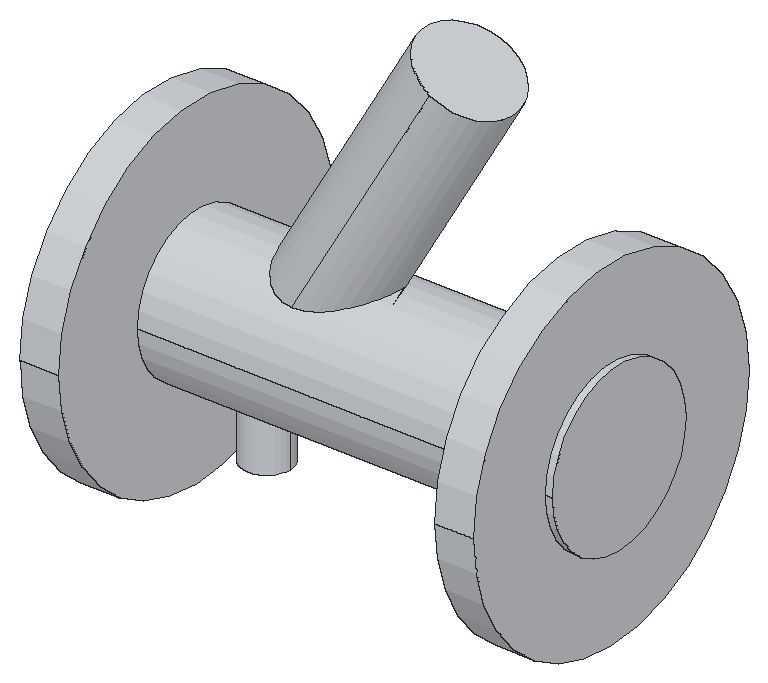
Revit family "HS 821-síto_jemné-PN25-DN015-RFA_2019", category Pipe Accessories, Revit 2019
Family settings
  Round Connector Dimension = Use Diameter
  Part Type = Breaks Into
  Work Plane-Based = No
  Always vertical = Yes
  Cut with Voids When Loaded = No
  Shared = No
Parameters (values of type "821D-DN015-PN25-síto_jemné")
  magiProductId = "27ddcbf555414f8ca1fde329bf9087"
  magiProductFamilyId = "79214ac3aaa945e397802f559f5c1e"
  magiPartTypeId = 307
  isMeasuringValve [instance] = no
  ang2D [instance] = 0.00°
  ZB__ve = -ZB  # -16.25 mm
  ZB1 = 18.63 mm
  ZB = 16.25 mm
  X2 = 46.982 mm
  X1 = 18.2 mm
  W2D = 15 mm
  VersionID = "2.0/2017.9.26.1/ZETKAMA_821_001"
  Use Minimum Symbol Size [instance] = yes
  URL = "www.hydronic.cz"
  Type Comments = "Filtr přírubový; síto jemné; A-PN16 (-10~300°C); D-PN25 (-10~350°C); F-PN40 (-10~400°C)"
  S = 46 mm
  QmdConnectorList = "301;D;302;D"
  Productdata [instance] = ""
  Manufacturer = "Hydronic Systems Prague s.r.o."
  MC Product Code = "210 215 (821D; DN015; PN25; kvs6,2; oko síta 0,63mm)"
  LM1 = 10.4 mm
  LM = 104 mm
  L4 = 32.5 mm
  L2D_Min = 3048 mm
  L2D = 130 mm
  L2 = 65 mm
  HH2 = 81.375 mm
  FD = 95 mm
  Description = "Filtr přírubový; síto jemné; 821A-PN16; 821D-PN25; 821F-PN40"
  DM1 = 27.6 mm
  DM = 41.4 mm
  D = 15 mm
  CC = 2.21 mm
  CAT0 = yes
  C1 = 10.79 mm
  C = 13 mm
  BD = 13.041 mm
Types (40, lengths in mm): name | magiProductId | ZB__ve | ZB1 | ZB | X2 | X1 | S | MC Product Code | LM1 | LM | L4 | L2 | HH2 | FD | DM1 | DM | D | CC | C1 | C | BD
  821A-DN015-PN16-síto_jemné | "a71bcfe8b393460598b23e8ddf7dc5" | -16.25 | 18.63 | 16.25 | 46.982 | 18.2 | 46 | "210 115 (821A; DN015; PN16; kvs6,2; oko síta 0,63mm)" | 10.4 | 104 | 32.5 | 65 | 81.375 | 95 | 27.6 | 41.4 | 15 | 2.21 | 10.79 | 13 | 13.041
  821A-DN020-PN16-síto_jemné | "41cd6c7a12924f4991217528336076" | -17.75 | 22.68 | 17.75 | 51.673 | 21 | 56 | "210 120 (821A; DN020; PN16; kvs9,6; oko síta 0,63mm)" | 12 | 120 | 37.5 | 75 | 89.5 | 105 | 33.6 | 50.4 | 20 | 2.55 | 12.45 | 15 | 15.876
  821A-DN025-PN16-síto_jemné | "be378b463ed14c3abf4c9b3ae8cf3a" | -19.25 | 26.325 | 19.25 | 58.601 | 22.4 | 65 | "210 125 (821A; DN025; PN16; kvs14,2; oko síta 0,63mm)" | 12.8 | 128 | 40 | 80 | 101.5 | 115 | 43.2 | 58.5 | 25 | 2.72 | 13.28 | 16 | 18.427
  821A-DN032-PN16-síto_jemné | "227a0d18b21540afabe8b6067d35fa" | -23 | 30.78 | 23 | 68.849 | 25.2 | 76 | "210 132 (821A; DN032; PN16; kvs23,1; oko síta 0,63mm)" | 14.4 | 144 | 45 | 90 | 119.25 | 140 | 50.4 | 68.4 | 32 | 3.06 | 14.94 | 18 | 21.546
  821A-DN040-PN16-síto_jemné | "d106917c74724141a10440112d0102" | -24.5 | 34.02 | 24.5 | 75.777 | 28 | 84 | "210 140 (821A; DN040; PN16; kvs36,6; oko síta 0,63mm)" | 16 | 160 | 50 | 100 | 131.25 | 150 | 60 | 75.6 | 40 | 3.4 | 16.6 | 20 | 23.814
  821A-DN050-PN16-síto_jemné | "8255d456a09e4f6486734f5dd9171b" | -26.75 | 40.095 | 26.75 | 79.061 | 32.2 | 99 | "210 150 (821A; DN050 PN16; kvs53,7; oko síta 0,63mm)" | 18.4 | 184 | 57.5 | 115 | 136.938 | 165 | 73.8 | 89.1 | 50 | 3.91 | 19.09 | 23 | 28.066
  821A-DN065-PN16-síto_jemné | "235b1b3e4c0843779a4d5e3716d40a" | -29.75 | 47.79 | 29.75 | 86.927 | 40.6 | 118 | "210 165 (821A; DN065; PN16; kvs95,1; oko síta 0,63mm)" | 23.2 | 232 | 72.5 | 145 | 150.562 | 185 | 94.2 | 106.2 | 65 | 4.93 | 24.07 | 29 | 33.453
  821A-DN080-PN16-síto_jemné | "a067f7c5236348ed8c820d16df7214" | -32 | 53.46 | 32 | 104.753 | 43.4 | 132 | "210 180 (821A; DN080; PN16; kvs137,1; oko síta 0,63mm)" | 24.8 | 248 | 77.5 | 155 | 181.438 | 200 | 107.4 | 118.8 | 80 | 5.27 | 25.73 | 31 | 37.422
  821A-DN100-PN16-síto_jemné | "c49a648c2747461285837d643703cd" | -35 | 63.18 | 35 | 114.857 | 49 | 156 | "210 190 (821A; DN100; PN16; kvs206,4; oko síta 0,63mm)" | 28 | 280 | 87.5 | 175 | 198.937 | 220 | 131.4 | 140.4 | 100 | 5.95 | 29.05 | 35 | 44.226
  821A-DN125-PN16-síto_jemné | "bf68e728a163493cbd2a663b26ebdc" | -39.5 | 74.52 | 39.5 | 131.888 | 56 | 184 | "210 191 (821A; DN125; PN16; kvs268,8; oko síta 0,63mm)" | 32 | 320 | 100 | 200 | 228.438 | 250 | 165 | 165.6 | 125 | 6.8 | 33.2 | 40 | 52.164
  821A-DN150-PN16-síto_jemné | "2de770284b654863ae6bc865769dc5" | -44.75 | 85.455 | 44.75 | 155.885 | 67.2 | 211 | "210 192 (821A; DN150; PN16; kvs401,4; oko síta 0,63mm)" | 38.4 | 384 | 120 | 240 | 270 | 285 | 192 | 189.9 | 150 | 8.16 | 39.84 | 48 | 59.818
  821A-DN200-PN16-síto_jemné | "8e5693371ab64aabb29a7f08c76e15" | -53 | 107.73 | 53 | 188.361 | 84 | 266 | "210 193 (821A; DN200; PN16; kvs706,7; oko síta 0,63mm)" | 48 | 480 | 150 | 300 | 326.25 | 340 | 252 | 239.4 | 200 | 10.2 | 49.8 | 60 | 75.411
  821A-DN250-PN16-síto_jemné | "05e37ed948c34047acdd4c42556504" | -62.75 | 129.195 | 62.75 | 255.911 | 102.2 | 319 | "210 194 (821A; DN250; PN16; kvs1229,4; oko síta 0,63mm)" | 58.4 | 584 | 182.5 | 365 | 443.25 | 405 | 309.6 | 287.1 | 250 | 12.41 | 60.59 | 73 | 90.436
  821A-DN300-PN16-síto_jemné | "9ad0af747269428da925480d83ce80" | -71 | 149.85 | 71 | 325.914 | 119 | 370 | "210 195 (821A; DN300; PN16; kvs1902,4; oko síta 0,63mm)" | 68 | 680 | 212.5 | 425 | 564.5 | 460 | 369.6 | 333 | 300 | 14.45 | 70.55 | 85 | 104.895
  821A-DN350-PN16-síto_jemné | "eebc71459bb3451bb4355e7951370a" | -80 | 173.745 | 80 | 356.875 | 137.2 | 429 | "200 196 (821A; DN350; PN16; kvs2611,0; oko síta 0,63mm)" | 78.4 | 784 | 245 | 490 | 618.125 | 520 | 438 | 386.1 | 350 | 16.66 | 81.34 | 98 | 121.621
  821A-DN400-PN16-síto_jemné | "d2f677cb196647e385b2590e7d8abe" | -89 | 194.4 | 89 | 392.237 | 154 | 480 | "210 197 (821A; DN400; PN16; kvs3438,4; oko síta 0,63mm)" | 88 | 880 | 275 | 550 | 679.375 | 580 | 498 | 432 | 400 | 18.7 | 91.3 | 110 | 136.08
  821D-DN015-PN25-síto_jemné | "27ddcbf555414f8ca1fde329bf9087" | -16.25 | 18.63 | 16.25 | 46.982 | 18.2 | 46 | "210 215 (821D; DN015; PN25; kvs6,2; oko síta 0,63mm)" | 10.4 | 104 | 32.5 | 65 | 81.375 | 95 | 27.6 | 41.4 | 15 | 2.21 | 10.79 | 13 | 13.041
  821D-DN020-PN25-síto_jemné | "270e0f14012f47189cd0235c18faee" | -17.75 | 22.68 | 17.75 | 51.673 | 21 | 56 | "210 220 (821D; DN020; PN25; kvs9,6; oko síta 0,63mm)" | 12 | 120 | 37.5 | 75 | 89.5 | 105 | 33.6 | 50.4 | 20 | 2.55 | 12.45 | 15 | 15.876
  821D-DN025-PN25-síto_jemné | "b9a7fb4aa36643878c637d8e1ab992" | -19.25 | 26.325 | 19.25 | 58.601 | 22.4 | 65 | "210 225 (821D; DN025; PN25; kvs14,2; oko síta 0,63mm)" | 12.8 | 128 | 40 | 80 | 101.5 | 115 | 43.2 | 58.5 | 25 | 2.72 | 13.28 | 16 | 18.427
  821D-DN032-PN25-síto_jemné | "6be9a55c4e68400f94eec7e804204c" | -23 | 30.78 | 23 | 68.849 | 25.2 | 76 | "210 232 (821D; DN032; PN25; kvs23,1; oko síta 0,63mm)" | 14.4 | 144 | 45 | 90 | 119.25 | 140 | 50.4 | 68.4 | 32 | 3.06 | 14.94 | 18 | 21.546
  821D-DN040-PN25-síto_jemné | "c54511bd7f584ec2984291479612cb" | -24.5 | 34.02 | 24.5 | 75.777 | 28 | 84 | "210 240 (821D; DN040; PN25; kvs36,6; oko síta 0,63mm)" | 16 | 160 | 50 | 100 | 131.25 | 150 | 60 | 75.6 | 40 | 3.4 | 16.6 | 20 | 23.814
  821D-DN050-PN25-síto_jemné | "5483b1f596b04cd39b23a14a22c90e" | -26.75 | 40.095 | 26.75 | 79.061 | 32.2 | 99 | "210 250 (821D; DN050; PN25; kvs53,7; oko síta 0,63mm)" | 18.4 | 184 | 57.5 | 115 | 136.938 | 165 | 73.8 | 89.1 | 50 | 3.91 | 19.09 | 23 | 28.066
  821D-DN065-PN25-síto_jemné | "767b0f8318e94750bc7a9930ed5b30" | -29.75 | 47.79 | 29.75 | 86.927 | 40.6 | 118 | "210 265 (821D; DN065; PN25; kvs95,1; oko síta 0,63mm)" | 23.2 | 232 | 72.5 | 145 | 150.562 | 185 | 94.2 | 106.2 | 65 | 4.93 | 24.07 | 29 | 33.453
  821D-DN080-PN25-síto_jemné | "e21040fa3cc2404b858198f6b73709" | -32 | 53.46 | 32 | 104.753 | 43.4 | 132 | "210 280 (821D; DN080; PN25; kvs137,1; oko síta 0,63mm)" | 24.8 | 248 | 77.5 | 155 | 181.438 | 200 | 107.4 | 118.8 | 80 | 5.27 | 25.73 | 31 | 37.422
  821D-DN100-PN25-síto_jemné | "175ca87a506b40b3bc6b82f12f33cf" | -37.25 | 63.18 | 37.25 | 114.857 | 49 | 156 | "210 290 (821D; DN100; PN25; kvs206,4; oko síta 0,63mm)" | 28 | 280 | 87.5 | 175 | 198.937 | 235 | 131.4 | 140.4 | 100 | 5.95 | 29.05 | 35 | 44.226
  821D-DN125-PN25-síto_jemné | "77cc98d60da24855999a22dff726b2" | -42.5 | 74.52 | 42.5 | 131.888 | 56 | 184 | "210 291 (821D; DN125; PN25; kvs268,8; oko síta 0,63mm)" | 32 | 320 | 100 | 200 | 228.438 | 270 | 165 | 165.6 | 125 | 6.8 | 33.2 | 40 | 52.164
  821D-DN150-PN25-síto_jemné | "9cf8acfcd15547d68e83172d3abcbe" | -47 | 85.455 | 47 | 155.885 | 67.2 | 211 | "210 292 (821D; DN150; PN25; kvs401,4; oko síta 0,63mm)" | 38.4 | 384 | 120 | 240 | 270 | 300 | 192 | 189.9 | 150 | 8.16 | 39.84 | 48 | 59.818
  821D-DN200-PN25-síto_jemné | "16973f3c9ea14389ba8602495a6b64" | -56 | 110.97 | 56 | 188.361 | 84 | 274 | "210 293 (821D; DN200; PN25; kvs706,7; oko síta 0,63mm)" | 48 | 480 | 150 | 300 | 326.25 | 360 | 252 | 246.6 | 200 | 10.2 | 49.8 | 60 | 77.679
  821F-DN015-PN40-síto_jemné | "4c7eaf3c4c0340888b3e684d8a8616" | -16.25 | 18.225 | 16.25 | 46.982 | 18.2 | 45 | "250 615 (821F; DN015; PN40; kvs6,2; oko síta 0,63mm)" | 10.4 | 104 | 32.5 | 65 | 81.375 | 95 | 27.6 | 40.5 | 15 | 2.21 | 10.79 | 13 | 12.757
  821F-DN020-PN40-síto_jemné | "aaac5f1ec96b44d6ba96ac2293d66d" | -17.75 | 23.49 | 17.75 | 51.673 | 21 | 58 | "250 620 (821F; DN020; PN40; kvs9,6; oko síta 0,63mm)" | 12 | 120 | 37.5 | 75 | 89.5 | 105 | 33.6 | 52.2 | 20 | 2.55 | 12.45 | 15 | 16.443
  821F-DN025-PN40-síto_jemné | "504768023968471481789485b54c7e" | -19.25 | 27.54 | 19.25 | 58.601 | 22.4 | 68 | "250 625 (821F; DN025; PN40; kvs14,2; oko síta 0,63mm)" | 12.8 | 128 | 40 | 80 | 101.5 | 115 | 43.2 | 61.2 | 25 | 2.72 | 13.28 | 16 | 19.278
  821F-DN032-PN40-síto_jemné | "165e7f39cf744f329bdf1c400dad12" | -23 | 31.59 | 23 | 68.849 | 25.2 | 78 | "250 632 (821F; DN032; PN40; kvs23,1; oko síta 0,63mm)" | 14.4 | 144 | 45 | 90 | 119.25 | 140 | 50.4 | 70.2 | 32 | 3.06 | 14.94 | 18 | 22.113
  821F-DN040-PN40-síto_jemné | "b8903f952089408fbf3a5a632bab1f" | -24.5 | 35.64 | 24.5 | 75.777 | 28 | 88 | "250 640 (821F; DN040; PN40; kvs36,6; oko síta 0,63mm)" | 16 | 160 | 50 | 100 | 131.25 | 150 | 60 | 79.2 | 40 | 3.4 | 16.6 | 20 | 24.948
  821F-DN050-PN40-síto_jemné | "c451f97266fe48da8f879cb6a2bd44" | -26.75 | 41.31 | 26.75 | 79.061 | 32.2 | 102 | "250 650 (821F; DN050; PN40; kvs53,7; oko síta 0,63mm)" | 18.4 | 184 | 57.5 | 115 | 136.938 | 165 | 73.8 | 91.8 | 50 | 3.91 | 19.09 | 23 | 28.917
  821F-DN065-PN40-síto_jemné | "dc9821e3f9b34e128f6a8c6b34c198" | -29.75 | 49.41 | 29.75 | 86.927 | 40.6 | 122 | "250 665 (821F; DN065; PN40; kvs95,1; oko síta 0,63mm)" | 23.2 | 232 | 72.5 | 145 | 150.562 | 185 | 94.2 | 109.8 | 65 | 4.93 | 24.07 | 29 | 34.587
  821F-DN080-PN40-síto_jemné | "689aa1e260f84cf4994f027a1d86b5" | -32 | 55.89 | 32 | 104.753 | 43.4 | 138 | "250 680 (821F; DN080; PN40; kvs137,1; oko síta 0,63mm)" | 24.8 | 248 | 77.5 | 155 | 181.438 | 200 | 107.4 | 124.2 | 80 | 5.27 | 25.73 | 31 | 39.123
  821F-DN100-PN40-síto_jemné | "8a45d4e8e2ab425f8c432f21d684f3" | -37.25 | 65.61 | 37.25 | 114.857 | 49 | 162 | "250 690 (821F; DN100; PN40; kvs206,4; oko síta 0,63mm)" | 28 | 280 | 87.5 | 175 | 198.937 | 235 | 131.4 | 145.8 | 100 | 5.95 | 29.05 | 35 | 45.927
  821F-DN125-PN40-síto_jemné | "cf073904c006406b8645afa67ea2fc" | -42.5 | 76.14 | 42.5 | 131.888 | 56 | 188 | "250 691 (821F; DN125; PN40; kvs268,8; oko síta 0,63mm)" | 32 | 320 | 100 | 200 | 228.438 | 270 | 165 | 169.2 | 125 | 6.8 | 33.2 | 40 | 53.298
  821F-DN150-PN40-síto_jemné | "0153b9ddabe14992a630484929fdbc" | -47 | 88.29 | 47 | 155.885 | 67.2 | 218 | "250 692 (821F; DN150; PN40; kvs401,4; oko síta 0,63mm)" | 38.4 | 384 | 120 | 240 | 270 | 300 | 192 | 196.2 | 150 | 8.16 | 39.84 | 48 | 61.803
  821F-DN200-PN40-síto_jemné | "7fb3fc01dd8d42428c203e3f8dd4d5" | -56 | 115.425 | 56 | 188.361 | 84 | 285 | "250 693 (821F; DN200; PN40; kvs706,7; oko síta 0,63mm)" | 48 | 480 | 150 | 300 | 326.25 | 360 | 252 | 256.5 | 200 | 10.2 | 49.8 | 60 | 80.797
Reference planes
  plane 1 "Center (Front/Back)": y = 0
  plane 2 "XYPLANE": z = 0
  plane 3 "Center (Left/Right)": x = 0
  plane 4 "109": x = -41.6
  plane 5 "108": x = 52
  plane 6 "107": x = -52
  plane 7 "105": x = 65
  plane 8 "104": x = -65
  plane 9 "103": y = 0
  plane 10 "102": z = 0
  plane 11 "101": x = -62.79
  plane 12 "100": x = 62.79
  plane 13 "11": x = -23.4
  plane 14 "10": z = 81.375
  plane 15 "9": x = 23.582
  plane 16 "5": z = -18.63
  plane 17 "4": x = -32.5
  plane 18 "1": x = 32.5
Forms (mm)
  Extrusion 1, solid, visible <- "CAT0"
    sketch origin (-52, -750, 0) x (0, 1, 0) y (0, 0, 1)
      loop
        circle (750, 0) r 20.7
    from 0 to 104 <- "LM"
  Extrusion 2, solid
    sketch origin (-65, -750, 0) x (0, 1, 0) y (0, 0, 1)
      loop
        circle (750, 0) r 23
    from 0 to 2.21 <- "CC"
  Extrusion 3, solid
    sketch origin (-62.79, -750, 0) x (0, 1, 0) y (0, 0, 1)
      loop
        circle (750, 0) r 47.5
    from 0 to 10.79 <- "C1"
  Extrusion 4, solid
    sketch origin (52, -750, 0) x (0, 1, 0) y (0, 0, 1)
      loop
        circle (750, 0) r 47.5
    from 0 to 10.79 <- "C1"
  Extrusion 5, solid
    sketch origin (62.79, -750, 0) x (0, 1, 0) y (0, 0, 1)
      loop
        circle (750, 0) r 23
    from 0 to 2.21 <- "CC"
  Sweep 6, solid, visible <- "CAT0"
    path origin (750, 0, 0) x (-1, 0, 0) y (0, 0, 1)
      loop
        line (802, 0) -> (773.4, 0) -> (726.418, 81.375)
    profile origin (-52, 0, 0) x (0, 0, -1) y (0, 1, 0)
      loop
        circle (0, 0) r 13.8
  Extrusion 7, solid, visible <- "CAT0"
    sketch origin (-750, 0, -18.63) x (1, 0, 0) y (0, 1, 0)
      loop
        circle (717.5, 0) r 6.52
    from 0 to -16.25 <- "ZB__ve"
  Extrusion 8, solid, visible <- "CAT0"
    sketch origin (-750, 0, -18.63) x (1, 0, 0) y (0, 1, 0)
      loop
        circle (782.5, 0) r 6.52
    from 0 to -16.25 <- "ZB__ve"
  Extrusion 9, solid, not visible
    sketch origin (65, -750, 0) x (0, 1, 0) y (0, 0, 1)
      loop
        circle (750, 0) r 10
    from 0 to -10
  Extrusion 10, solid, not visible
    sketch origin (-65, -750, 0) x (0, 1, 0) y (0, 0, 1)
      loop
        circle (750, 0) r 10
    from 0 to 10
Lines and regions (mm)
  reference lines, not visible
    curve 1: circle (2, 2, 0) r 1 normal (0, 0, 1)
Dimensions and locks
  plane 1 "Center (Front/Back)" to curve 1 = 2 mm
  "LM1": plane 6 "107" to plane 4 "109"
  "LM": plane 6 "107" to plane 5 "108"
  "C": plane 8 "104" to plane 6 "107"
  "L2": plane 3 "Center (Left/Right)" to plane 7 "105"
  "L2": plane 3 "Center (Left/Right)" to plane 8 "104"
  locked: plane 1 "Center (Front/Back)" to plane 9 "103"
  locked: plane 2 "XYPLANE" to plane 10 "102"
  "CC": plane 8 "104" to plane 11 "101"
  "C1": plane 5 "108" to plane 12 "100"
  "X1": plane 4 "109" to plane 13 "11"
  "HH2": plane 2 "XYPLANE" to plane 14 "10"
  "X2": plane 13 "11" to plane 15 "9"
  "ZB1": plane 2 "XYPLANE" to plane 16 "5"
  "L4": plane 8 "104" to plane 17 "4"
  "L2": plane 17 "4" to plane 18 "1"
  Sweep 6 sketch curve to Sweep 6 sketch curve = 0 mm  (x2)
  "DM": diameter of Extrusion 1 sketch curve
  "S": diameter of Extrusion 2 sketch curve
  "FD": diameter of Extrusion 3 sketch curve
  "FD": diameter of Extrusion 4 sketch curve
  "S": diameter of Extrusion 5 sketch curve
  "DM1": diameter of Sweep 6 sketch curve
  "BD": diameter of Extrusion 7 sketch curve
  "BD": diameter of Extrusion 8 sketch curve
  aligned and locked: level to plane 2 "XYPLANE"
  aligned and locked: Extrusion 1 sketch curve to plane 9 "103"
  aligned and locked: plane 10 "102" to Extrusion 1 sketch curve
  aligned and locked: Extrusion 2 sketch curve to plane 9 "103"
  aligned and locked: plane 10 "102" to Extrusion 2 sketch curve
  aligned and locked: Extrusion 3 sketch curve to plane 9 "103"
  aligned and locked: plane 10 "102" to Extrusion 3 sketch curve
  aligned and locked: Extrusion 4 sketch curve to plane 9 "103"
  aligned and locked: plane 10 "102" to Extrusion 4 sketch curve
  aligned and locked: Extrusion 5 sketch curve to plane 9 "103"
  aligned and locked: plane 10 "102" to Extrusion 5 sketch curve
  aligned and locked: Sweep 6 sketch curve to plane 9 "103"
  aligned and locked: plane 10 "102" to Sweep 6 sketch curve  (x3)
  aligned and locked: plane 6 "107" to Sweep 6 sketch curve
  aligned and locked: plane 13 "11" to Sweep 6 sketch curve
  aligned and locked: plane 14 "10" to Sweep 6 sketch curve
  aligned and locked: plane 15 "9" to Sweep 6 sketch curve
  aligned and locked: plane 9 "103" to Extrusion 7 sketch curve
  aligned and locked: plane 17 "4" to Extrusion 7 sketch curve
  aligned and locked: plane 9 "103" to Extrusion 8 sketch curve
  aligned and locked: plane 18 "1" to Extrusion 8 sketch curve
  aligned and locked: Extrusion 9 sketch curve to plane 9 "103"
  aligned and locked: plane 10 "102" to Extrusion 9 sketch curve
  aligned and locked: Extrusion 10 sketch curve to plane 9 "103"
  aligned and locked: plane 10 "102" to Extrusion 10 sketch curve
Automatic sketch dimensions
  plane 1 "Center (Front/Back)" to Extrusion 9 sketch curve = 10 mm
  plane 1 "Center (Front/Back)" to Extrusion 10 sketch curve = 10 mm
  plane 3 "Center (Left/Right)" to curve 1 = 2 mm
  radius of curve 1 = 1 mm
Connectors
  piping at (-65, 0, 0), diameter 15, driven by "D"
    settings: on Extrusion 10, index 1, connector inside diameter 609.6 mm, connector length 0 mm, flow factor 0, pipe flow 0.0 L/s, pressure drop 0.0 Pa, fitting loss kfactor 0, connector angle 0.00°, fixture units 0, engagement length 0 mm, angle of deflection 0.00°, flow configuration 0, flow direction 0, fitting loss method 0, system type 29, joint type 0, gender type 0, connector reference index 2, connector utility 0, adjustable connector no, is connector primary yes, connector description ""
  piping at (65, 0, 0), diameter 15, driven by "D"
    settings: on Extrusion 9, index 2, connector inside diameter 609.6 mm, connector length 0 mm, flow factor 0, pipe flow 0.0 L/s, pressure drop 0.0 Pa, fitting loss kfactor 0, connector angle 0.00°, fixture units 0, engagement length 0 mm, angle of deflection 0.00°, flow configuration 0, flow direction 0, fitting loss method 0, system type 29, joint type 0, gender type 0, connector reference index 1, connector utility 0, adjustable connector no, is connector primary no, connector description ""
